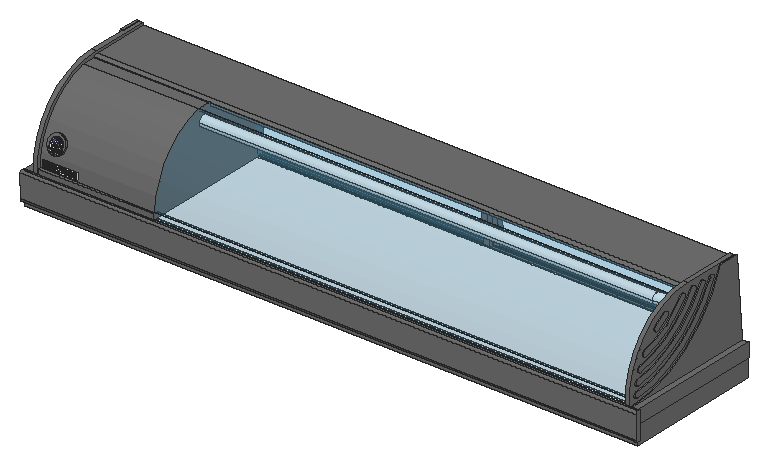
Revit family "QF_HOSHIZAKI_HNC-150BE-L-BLH", category Specialty Equipment, Revit 2016
Family settings
  Part Type = Normal
  Round Connector Dimension = Use Diameter
  OmniClass Number = 23.40.40.14
  OmniClass Title = Food Service Equipment
  Work Plane-Based = No
  Always vertical = Yes
  Cut with Voids When Loaded = No
  Shared = No
  Room Calculation Point = No
Parameters (values of type "HNC-150BE-L-BLH_230V/1Ph/50Hz")
  Weight = 37.00 kg
  Waste Remarks [instance] = ""
  Volts = 230 V
  URL Cutsheet = ""
  URL = "www.hoshizaki-europe.com"
  Status [instance] = ""
  Specification by User [instance] = ""
  Specification by Manufacturer [instance] = ""
  Serial Number = ""
  Seismic Rating = ""
  SMACNA No = ""
  Revision Code [instance] = ""
  Phase = 1
  Number of Poles = 2
  NAFEM Spec ID Number = ""
  Model = "HNC-150BE-L-BLH"
  Min Ckt Ampacity = 0 A
  Max Overcurrent Protection = 0 A
  Masterspec = ""
  Manufacturer = "HOSHIZAKI"
  Length Actual = 1500 mm
  Item Number [instance] = ""
  Installed By [instance] = ""
  Indirect Waste Size = 50.8 mm
  Indirect Waste Connection Type [instance] = ""
  Indirect Waste Connection Height [instance] = 23 mm
  Identify Quantity as Lot [instance] = no
  Height Actual = 270 mm
  HP power = ""
  Furnished By [instance] = ""
  Foodservice Equipment Identifier [instance] = yes
  FL Amps = 0.6 A
  Electric power = 140 W
  Electric Connection Type [instance] = ""
  Elec Conn RI Height [instance] = 0 mm
  Elec Conn Connection Height [instance] = 19 mm
  Direct Waste RI Height [instance] = 0 mm
  Description = "SUSHI CASE WITH LED LIGHTING, LEFT SIDED - BLACK"
  Depth Actual = 345 mm
  Cycle = 50 Hz
  Cost = 0
  Conn Plug = ""
  Conn Conduit = no
  CSI MasterFormat = ""
  Assembly Code = "E1090320"
  Apparent Power = 140 VA
  Accessory = no
Reference planes
  plane 1 "Center (Front/Back)": y = 0
  plane 2: z = 0
  plane 3 "Center (Left/Right)": x = 0
Forms (mm)
  Extrusion 1, solid, not visible
    sketch origin (29, -2, 18) x (1, 0, 0) y (0, 1, 0)
      loop
        line (0, 0) -> (2, 0) -> (2, 2) -> (0, 2) -> (0, 0)
    from 0 to 2
  Extrusion 2, solid, not visible
    sketch origin (1431, -2, 22) x (1, 0, 0) y (0, 1, 0)
      loop
        line (0, 0) -> (2, 0) -> (2, 2) -> (0, 2) -> (0, 0)
    from 0 to 2
Dimensions and locks
  aligned and locked: level to plane 2
Nested families
  nested 1: "QF_HOSHIZAKI_HNC-150BE-L-BLH_230V_1Ph_50Hz" at (0, 0, 0), type "HNC-150BE-L-BLH_230V/1Ph/50Hz"
    with Status "", Specification by User "", Show Clearance yes, Revision Code "", Number of Poles 1, Item Number "", Installed By "", Identify Quantity as Lot no, Furnished By "", Foodservice Equipment Identifier yes, Electrical Remarks "", Electric Connection Type "", Elec Conn RI Height 0 mm, Elec Conn Connection Height 19 mm, Conn Conduit yes
Connectors
  electrical at (30, 0, 19), driven by "Apparent Power", driven by "Number of Poles", driven by "Volts"
    settings: on Extrusion 1, index 1, voltage 230 V, apparent load 0 VA, apparent load phase1 140 VA, apparent load phase2 0 VA, apparent load phase3 0 VA, power factor 1, load classification "Other", number of poles 2, system type 31, power factor state 1, is connector primary yes, connector utility no, sub classification motor no, connector description "Electric connection for 'HNC-150BE-L-BLH'"
  piping at (1432, 0, 23), diameter 50.8, driven by "Indirect Waste Size"
    settings: on Extrusion 2, index 2, connector inside diameter 609.6 mm, connector length 0 mm, flow factor 0, pipe flow 0.0 L/s, pressure drop 0.0 Pa, fitting loss kfactor 0, connector angle 0.00°, fixture units 0, engagement length 0 mm, angle of deflection 0.00°, flow configuration 1, flow direction 2, fitting loss method 0, system type 16, joint type 0, gender type 0, connector reference index -1, connector utility 0, adjustable connector no, is connector primary yes, connector description "Drain connection for 'HNC-150BE-L-BLH'"
Definition of nested family "QF_HOSHIZAKI_HNC-150BE-L-BLH_230V_1Ph_50Hz"
  Parameters (values of type "HNC-150BE-L-BLH_230V/1Ph/50Hz")
    Weight in Pounds = 81.5709
    Electric power = 150 W
    Volts = 230 V
    URL Cutsheet = "www.hoshizaki-europe.com"
    URL = "www.hoshizaki-europe.com"
    Status [instance] = ""
    Specification by User [instance] = ""
    Specification by Manufacturer = ""
    Show Logo = yes
    Show Clearance [instance] = yes
    Serial Number = ""
    Seismic Rating = ""
    SMACNA No = ""
    Revision Code [instance] = ""
    Phase = 1
    Number of Poles [instance] = 1
    NAFEM Spec ID Number = ""
    Model = "HNC-150BE-L-BLH"
    Min Ckt Ampacity = 0 A
    Max Overcurrent Protection = 0 A
    Masterspec = ""
    Manufacturer = "HOSHIZAKI"
    Item Number [instance] = ""
    Installed By [instance] = ""
    Identify Quantity as Lot [instance] = no
    HP power = "0.201153000000"
    Furnished By [instance] = ""
    Foodservice Equipment Identifier [instance] = yes
    FL Amps = 20 A
    Electrical Remarks [instance] = ""
    Electric Connection Type [instance] = ""
    Elec Conn RI Height [instance] = 0 mm
    Elec Conn Connection Height [instance] = 19 mm
    Description = "SUSHI CASE WITH LED LIGHTING, LEFT SIDED - BLACK"
    Cycle = 50 Hz
    Conn Plug = ""
    Conn Conduit [instance] = yes
    CSI MasterFormat = ""
    Assembly Code = "E1090320"
    Apparent Power = 150 VA
  Reference planes
    plane 1 "Back": y = 0
    plane 2: z = 0
    plane 3 "Left": x = 0
    plane 4 "Right": x = 1500
    plane 5 "Front": y = -345
    plane 6 "Top": z = 270
  Forms (mm)
    Extrusion 1, solid
      sketch origin (0, 0, 0) x (0, 1, 0) y (0, 0, 1)
        loop
          line (-335, 11.612) -> (-335, 78.923) -> (-340, 78.923)
          arc (-340, 78.923) -> (-343.536, 77.458) -> (-345, 73.923) r 5
          line (-345, 73.923) -> (-345, 16.612)
          arc (-345, 16.612) -> (-343.536, 13.076) -> (-340, 11.612) r 5
          line (-340, 11.612) -> (-335, 11.612)
      from 0 to 1500
    Extrusion 2, solid
      sketch origin (4, 0, 0) x (0, 1, 0) y (0, 0, 1)
        loop
          line (0, 0) -> (0, 45.267) -> (-335, 45.267) -> (-335, 0) -> (0, 0)
      from 1492 to 0
    Extrusion 3, solid
      sketch origin (1480, 0, 0) x (0, 1, 0) y (0, 0, -1)
        loop
          arc (-335, -77.311) -> (-168.876, -131.23) -> (-62.821, -270) r 293.422
          line (-62.821, -270) -> (-16.482, -270) -> (0, -81.612) -> (0, -45.267) -> (-335, -45.267) -> (-335, -77.311)
        loop
          arc (-83.709, -252.219) -> (-178.479, -139.765) -> (-317.08, -90.602) r 280.922
          arc (-317.08, -90.602) -> (-323.161, -96.407) -> (-318.029, -103.066) r 6.285
          arc (-318.029, -103.066) -> (-185.592, -150.044) -> (-95.039, -257.5) r 268.422
          arc (-95.039, -257.5) -> (-87.673, -258.508) -> (-83.709, -252.219) r 6.865
        loop
          arc (-111.859, -251.686) -> (-195.78, -158.227) -> (-314.06, -115.953) r 255.922
          arc (-314.06, -115.953) -> (-320.31, -121.62) -> (-315.28, -128.393) r 6.28
          arc (-315.28, -128.393) -> (-202.759, -168.597) -> (-122.925, -257.5) r 243.422
          arc (-122.925, -257.5) -> (-115.571, -258.059) -> (-111.859, -251.686) r 6.947
        loop
          arc (-140.937, -251.021) -> (-211.328, -177.909) -> (-306.269, -142.04) r 230.922
          arc (-306.269, -142.04) -> (-312.519, -147.451) -> (-308.057, -154.411) r 6.315
          arc (-308.057, -154.411) -> (-218.228, -188.332) -> (-151.626, -257.5) r 218.422
          arc (-151.626, -257.5) -> (-143.81, -258.338) -> (-140.937, -251.021) r 6.48
        loop
          arc (-173, -248.071) -> (-226.037, -198.16) -> (-293.13, -169.833) r 205.922
          arc (-293.13, -169.833) -> (-298.352, -176.046) -> (-293.527, -182.572) r 6.554
          arc (-293.527, -182.572) -> (-231.849, -209.297) -> (-183.042, -255.516) r 193.422
          arc (-183.042, -255.516) -> (-175.054, -255.795) -> (-173, -248.071) r 6.411
        loop
          arc (-225.482, -229.368) -> (-239.933, -218.945) -> (-255.34, -209.993) r 180.922
          arc (-255.34, -209.993) -> (-262.519, -213.318) -> (-261.08, -221.097) r 6.452
          arc (-261.08, -221.097) -> (-246.737, -229.431) -> (-233.285, -239.134) r 168.422
          arc (-233.285, -239.134) -> (-225.701, -237.193) -> (-225.482, -229.368) r 6.501
      from 0 to 5
    Extrusion 4, solid
      sketch origin (1475, 0, 0) x (0, 1, 0) y (0, 0, -1)
        loop
          line (-335, -45.267) -> (-335, -77.311)
          arc (-335, -77.311) -> (-288.48, -212.569) -> (-157.482, -270) r 178.115
          line (-157.482, -270) -> (-16.482, -270) -> (0, -81.612) -> (0, -45.267) -> (-335, -45.267)
      from 0 to 10
    Extrusion 5, solid
      sketch origin (20, 0, 0) x (0, 1, 0) y (0, 0, 1)
        loop
          line (-335, 77.311) -> (-335, 45.267) -> (0, 45.267) -> (0, 81.612) -> (-16.482, 270) -> (-62.821, 270)
          arc (-62.821, 270) -> (-168.876, 131.23) -> (-335, 77.311) r 293.422
        loop
          arc (-83.709, 252.219) -> (-87.673, 258.508) -> (-95.039, 257.5) r 6.865
          arc (-95.039, 257.5) -> (-185.592, 150.044) -> (-318.029, 103.066) r 268.422
          arc (-318.029, 103.066) -> (-323.161, 96.407) -> (-317.08, 90.602) r 6.285
          arc (-317.08, 90.602) -> (-178.479, 139.765) -> (-83.709, 252.219) r 280.922
        loop
          arc (-111.859, 251.686) -> (-115.571, 258.059) -> (-122.925, 257.5) r 6.947
          arc (-122.925, 257.5) -> (-202.759, 168.597) -> (-315.28, 128.393) r 243.422
          arc (-315.28, 128.393) -> (-320.31, 121.62) -> (-314.06, 115.953) r 6.28
          arc (-314.06, 115.953) -> (-195.78, 158.227) -> (-111.859, 251.686) r 255.922
        loop
          arc (-140.937, 251.021) -> (-143.81, 258.338) -> (-151.626, 257.5) r 6.48
          arc (-151.626, 257.5) -> (-218.228, 188.332) -> (-308.057, 154.411) r 218.422
          arc (-308.057, 154.411) -> (-312.519, 147.451) -> (-306.269, 142.04) r 6.315
          arc (-306.269, 142.04) -> (-211.328, 177.909) -> (-140.937, 251.021) r 230.922
        loop
          arc (-173, 248.071) -> (-175.054, 255.795) -> (-183.042, 255.516) r 6.411
          arc (-183.042, 255.516) -> (-231.849, 209.297) -> (-293.527, 182.572) r 193.422
          arc (-293.527, 182.572) -> (-298.352, 176.046) -> (-293.13, 169.833) r 6.554
          arc (-293.13, 169.833) -> (-226.037, 198.16) -> (-173, 248.071) r 205.922
        loop
          arc (-225.482, 229.368) -> (-225.701, 237.193) -> (-233.285, 239.134) r 6.501
          arc (-233.285, 239.134) -> (-246.737, 229.431) -> (-261.08, 221.097) r 168.422
          arc (-261.08, 221.097) -> (-262.519, 213.318) -> (-255.34, 209.993) r 6.452
          arc (-255.34, 209.993) -> (-239.933, 218.945) -> (-225.482, 229.368) r 180.922
      from 0 to 5
    Extrusion 6, solid
      sketch origin (25, 0, 0) x (0, 1, 0) y (0, 0, 1)
        loop
          line (-335, 45.267) -> (0, 45.267) -> (0, 81.612) -> (-16.482, 270) -> (-157.482, 270)
          arc (-157.482, 270) -> (-288.48, 212.569) -> (-335, 77.311) r 178.115
          line (-335, 77.311) -> (-335, 45.267)
      from 0 to 10
    Extrusion 7, solid
      sketch origin (0, 0, 0) x (0, 1, 0) y (0, 0, 1)
        loop
          line (-335.005, 77.311) -> (-9.983, 77.311) -> (-9.983, 45.267) -> (0, 45.267) -> (0, 81.612) -> (-15.607, 260) -> (-198.787, 260)
          arc (-198.787, 260) -> (-293.716, 198.698) -> (-330.597, 91.885) r 173.115
          line (-330.597, 91.885) -> (-335.597, 91.885) -> (-335.005, 77.311)
      from 35 to 317
    Extrusion 8, solid
      sketch origin (0, 0, 0) x (0, 1, 0) y (0, 0, 1)
        loop
          line (-9.983, 45.267) -> (-9.983, 67.293)
          arc (-9.983, 67.293) -> (-12.951, 74.377) -> (-20.035, 77.311) r 10.017
          line (-20.035, 77.311) -> (-324.983, 77.311)
          arc (-324.983, 77.311) -> (-332.066, 74.377) -> (-335, 67.293) r 10.017
          line (-335, 67.293) -> (-335, 45.267) -> (-9.983, 45.267)
      from 35 to 1465
    Extrusion 9, solid
      sketch origin (0, 0, 0) x (0, 1, 0) y (0, 0, 1)
        loop
          line (-16.044, 265) -> (-157.482, 265)
          arc (-157.482, 265) -> (-162.482, 263.66) -> (-166.142, 260) r 10
          line (-166.142, 260) -> (-166.142, 255) -> (-15.169, 255) -> (-16.044, 265)
      from 35 to 1465
    Extrusion 10, solid
      sketch origin (0, 0, 0) x (0, 1, 0) y (0, 0, 1)
        loop
          line (-166.142, 260) -> (-198.787, 260)
          arc (-198.787, 260) -> (-293.716, 198.698) -> (-330.597, 91.885) r 173.115
          line (-330.597, 91.885) -> (-330.597, 77.395) -> (-325.597, 77.395) -> (-325.597, 91.885)
          arc (-325.597, 91.885) -> (-289.967, 195.377) -> (-198.178, 255) r 168.115
          line (-198.178, 255) -> (-166.142, 255) -> (-166.142, 260)
      from 317 to 1465
    Sweep 11, solid
      path origin (301.784, 0, 230) x (1, 0, 0) y (0, 1, 0)
        loop
          line (1072.551, -50.66) -> (1112.551, -50.66)
          arc (1112.551, -50.66) -> (1140.051, -62.051) -> (1151.442, -89.551) r 38.891
          line (1151.442, -89.551) -> (1151.442, -153.787)
          arc (1151.442, -153.787) -> (1142.122, -176.287) -> (1119.622, -185.607) r 31.82
          line (1119.622, -185.607) -> (14.622, -185.607)
      profile origin (1394.335, -50.66, 230) x (0, 1, 0) y (0, 0, 1)
        loop
          circle (0, 0) r 12.5
    Extrusion 12, solid
      sketch origin (0, 0, 0) x (0, 1, 0) y (0, 0, 1)
        loop
          line (0, 45.267) -> (0, 81.612) -> (-1.743, 101.536) -> (-6.743, 101.536) -> (-5, 81.612) -> (-5, 77.311) -> (-10, 77.311) -> (-10, 45.267) -> (0, 45.267)
      from 317 to 1465
    Extrusion 13, solid
      sketch origin (300, 0, 0) x (0, 1, 0) y (0, 0, 1)
        loop
          line (-6.743, 101.536) -> (-1.743, 101.536) -> (-15.169, 255) -> (-20.169, 255) -> (-6.743, 101.536)
      from 1150 to 1165
    Extrusion 14, solid
      sketch origin (317, -10, 0) x (0, 1, 0) y (0, 0, 1)
        loop
          line (-5, 77.311) -> (-5, 81.612) -> (-20.169, 255) -> (-25.169, 255) -> (-9.917, 80.666) -> (-9.917, 77.311) -> (-5, 77.311)
      from 0 to 550
    Extrusion 15, solid
      sketch origin (0, 0, 0) x (1, 0, 0) y (0, 0, 1)
        loop
          line (20, 45.267) -> (20, 78.923) -> (4, 78.923) -> (4, 45.267) -> (20, 45.267)
      from 0 to 335
    Extrusion 16, solid
      sketch origin (1480, 0, 0) x (1, 0, 0) y (0, 0, 1)
        loop
          line (16, 45.267) -> (16, 78.923) -> (0, 78.923) -> (0, 45.267) -> (16, 45.267)
      from 0 to 335
    Extrusion 17, solid
      sketch origin (30, 5, 19) x (1, 0, 0) y (0, 0, 1)
        loop
          circle (0, 0) r 5
      from 0 to 5
    Extrusion 18, solid
      sketch origin (900, 0, 0) x (0, 1, 0) y (0, 0, 1)
        loop
          line (-5, 77.311) -> (-5, 81.612) -> (-20.169, 255) -> (-25.169, 255) -> (-9.917, 80.666) -> (-9.917, 77.311) -> (-5, 77.311)
      from 0 to 550
    Extrusion 19, solid
      sketch origin (900, 0, 0) x (0, 1, 0) y (0, 0, -1)
        loop
          line (-6.743, -101.536) -> (-4.917, -80.666) -> (-9.917, -80.666) -> (-25.169, -255) -> (-20.169, -255) -> (-14.603, -248.524) -> (-2.401, -109.056) -> (-6.743, -101.536)
      from 16 to 0
    Extrusion 20, solid
      sketch origin (883, -10, 0) x (0, 1, 0) y (0, 0, -1)
        loop
          line (-6.743, -101.536) -> (-4.917, -80.666) -> (-9.917, -80.666) -> (-25.169, -255) -> (-20.169, -255) -> (-14.603, -248.524) -> (-2.401, -109.056) -> (-6.743, -101.536)
      from 16 to 0
    Extrusion 21, solid, visible <- "Show Logo"
      sketch origin (-1.978, -388.55, -502.576) x (1, 0, 0) y (0, 0.087156, 0.996195)
        loop
          line (55.338, 616.136) -> (55.338, 615.183) -> (56.401, 614.569) -> (56.401, 609.537) -> (55.338, 608.924) -> (55.338, 607.971) -> (59.638, 607.971) -> (59.638, 608.924) -> (58.286, 609.537) -> (58.286, 611.434) -> (61.704, 611.434) -> (61.704, 609.537) -> (60.353, 608.924) -> (60.353, 607.971) -> (64.652, 607.971) -> (64.652, 608.924) -> (63.589, 609.537) -> (63.589, 614.569) -> (64.652, 615.183) -> (64.652, 616.136) -> (60.353, 616.136) -> (60.353, 615.183) -> (61.704, 614.569) -> (61.704, 612.924) -> (58.286, 612.924) -> (58.286, 614.569) -> (59.638, 615.183) -> (59.638, 616.136) -> (55.338, 616.136)
        loop
          spline (69.001, 608.002) -> (70.129, 608.14) -> (71.179, 608.547) -> (72.081, 609.193) -> (72.773, 610.035) -> (73.209, 611.016) -> (73.357, 612.069) -> (73.209, 613.121) -> (72.773, 614.102) -> (72.081, 614.944) -> (71.179, 615.591) -> (70.129, 615.997) -> (69.001, 616.136)
          spline (69.001, 616.136) -> (67.874, 615.997) -> (66.824, 615.591) -> (65.922, 614.944) -> (65.229, 614.102) -> (64.794, 613.121) -> (64.646, 612.069) -> (64.794, 611.016) -> (65.229, 610.035) -> (65.922, 609.193) -> (66.824, 608.547) -> (67.874, 608.14) -> (69.001, 608.002)
        loop
          spline (68.927, 609) -> (69.484, 609.105) -> (70.004, 609.411) -> (70.45, 609.899) -> (70.792, 610.534) -> (71.007, 611.274) -> (71.08, 612.069) -> (71.007, 612.863) -> (70.792, 613.603) -> (70.45, 614.239) -> (70.004, 614.726) -> (69.484, 615.033) -> (68.927, 615.137)
          spline (68.927, 615.137) -> (68.37, 615.033) -> (67.851, 614.726) -> (67.405, 614.239) -> (67.063, 613.603) -> (66.847, 612.863) -> (66.774, 612.069) -> (66.847, 611.274) -> (67.063, 610.534) -> (67.405, 609.899) -> (67.851, 609.411) -> (68.37, 609.105) -> (68.927, 609)
        loop
          line (81.179, 616.194) -> (79.474, 615.758)
          arc (79.474, 615.758) -> (77.281, 616.22) -> (75.089, 615.753) r 5.403
          arc (75.089, 615.753) -> (73.886, 613.9) -> (75.089, 612.047) r 2.029
          line (75.089, 612.047) -> (78.971, 610.634)
          arc (78.971, 610.634) -> (79.436, 609.97) -> (78.971, 609.307) r 0.706
          arc (78.971, 609.307) -> (77.855, 609.11) -> (76.74, 609.307) r 3.262
          line (76.74, 609.307) -> (75.274, 610.772) -> (73.787, 610.772) -> (73.787, 608.097) -> (75.666, 608.577)
          arc (75.666, 608.577) -> (78.223, 607.78) -> (80.78, 608.577) r 4.5
          arc (80.78, 608.577) -> (81.48, 610.43) -> (80.78, 612.283) r 2.804
          line (80.78, 612.283) -> (76.487, 613.433)
          arc (76.487, 613.433) -> (75.882, 614.221) -> (76.487, 615.009) r 0.816
          arc (76.487, 615.009) -> (77.614, 615.157) -> (78.742, 615.009) r 4.357
          line (78.742, 615.009) -> (79.927, 613.433) -> (81.179, 613.433) -> (81.179, 616.194)
        loop
          line (82.271, 616.136) -> (82.271, 615.183) -> (83.334, 614.569) -> (83.334, 609.537) -> (82.271, 608.924) -> (82.271, 607.971) -> (86.57, 607.971) -> (86.57, 608.924) -> (85.219, 609.537) -> (85.219, 611.434) -> (88.636, 611.434) -> (88.636, 609.537) -> (87.285, 608.924) -> (87.285, 607.971) -> (91.585, 607.971) -> (91.585, 608.924) -> (90.522, 609.537) -> (90.522, 614.569) -> (91.585, 615.183) -> (91.585, 616.136) -> (87.285, 616.136) -> (87.285, 615.183) -> (88.636, 614.569) -> (88.636, 612.924) -> (85.219, 612.924) -> (85.219, 614.569) -> (86.57, 615.183) -> (86.57, 616.136) -> (82.271, 616.136)
        loop
          line (96.706, 616.136) -> (92.416, 616.136) -> (92.416, 615.183) -> (93.479, 614.569) -> (93.479, 609.537) -> (92.416, 608.924) -> (92.416, 607.971) -> (96.706, 607.971) -> (96.706, 608.924) -> (95.643, 609.537) -> (95.643, 614.569) -> (96.706, 615.183) -> (96.706, 616.136)
        loop
          line (97.667, 616.136) -> (97.667, 612.671) -> (98.907, 612.671) -> (98.907, 614.463) -> (99.558, 615.114) -> (102.547, 615.114) -> (97.667, 609.299) -> (97.667, 607.971) -> (104.908, 607.971) -> (104.908, 611.273) -> (103.649, 611.273) -> (103.649, 609.958) -> (102.708, 609.299) -> (100.239, 609.299) -> (104.908, 614.862) -> (104.908, 616.136) -> (97.667, 616.136)
        loop
          line (105.624, 607.971) -> (109.33, 607.971) -> (109.33, 609.028) -> (107.454, 609.028) -> (108.104, 610.636) -> (111.138, 610.636) -> (111.792, 609.702) -> (111.119, 609.028) -> (110.298, 609.028) -> (110.298, 607.971) -> (114.469, 607.971) -> (114.469, 609.299) -> (110.933, 616.136) -> (109.33, 616.136) -> (106.458, 609.028) -> (105.624, 609.028) -> (105.624, 607.971)
        loop
          line (114.779, 616.136) -> (114.779, 615.083) -> (116.046, 615.083) -> (116.046, 609.299) -> (114.99, 609.299) -> (114.99, 607.971) -> (118.696, 607.971) -> (117.926, 609.461) -> (117.926, 610.349) -> (119.101, 611.525) -> (121.327, 609.299) -> (120.053, 609.299) -> (120.053, 607.971) -> (124.657, 607.971) -> (124.657, 609.299) -> (123.759, 609.299) -> (120.592, 613.016) -> (122.659, 615.083) -> (123.759, 615.083) -> (123.759, 616.136) -> (120.053, 616.136) -> (120.053, 615.083) -> (121.071, 615.083) -> (117.926, 611.937) -> (118.696, 615.083) -> (118.696, 616.136) -> (114.779, 616.136)
        loop
          line (129.485, 616.136) -> (125.196, 616.136) -> (125.196, 615.183) -> (126.259, 614.569) -> (126.259, 609.537) -> (125.196, 608.924) -> (125.196, 607.971) -> (129.485, 607.971) -> (129.485, 608.924) -> (128.422, 609.537) -> (128.422, 614.569) -> (129.485, 615.183) -> (129.485, 616.136)
        loop
          line (109.583, 614.299) -> (108.553, 611.748) -> (110.666, 611.748) -> (109.583, 614.299)
        loop
          line (52.372, 617.338) -> (52.372, 606.471) -> (131.113, 606.471) -> (131.113, 617.338) -> (52.372, 617.338)
        loop
          line (133.113, 619.338) -> (50.372, 619.338) -> (50.372, 604.471) -> (133.113, 604.471) -> (133.113, 619.338)
      from -1 to 1
    Extrusion 22, solid, visible <- "Show Logo"
      sketch origin (8.022, -389.795, -522.544) x (1, 0, 0) y (0, 0.087156, 0.996195)
        loop
          line (42.372, 637.338) -> (42.372, 626.471) -> (121.113, 626.471) -> (121.113, 637.338) -> (42.372, 637.338)
      from -1 to 1
    Extrusion 23, solid, visible <- "Show Logo"
      sketch origin (532.337, -1020.902, -1575.062) x (-1, 0, 0) y (0, -0.374607, -0.927184)
        loop
          circle (459.884, -1862.5) r 13.99
      from 0 to 2.5
    Extrusion 24, solid, visible <- "Show Logo"
      sketch origin (532.337, -1021.365, -1574.874) x (-1, 0, 0) y (0, -0.374607, -0.927184)
        loop
          circle (459.884, -1862.5) r 15
        loop
          arc (446.884, -1862.5) -> (460.705, -1875.474) -> (472.781, -1860.863) r 13
          line (472.781, -1860.863) -> (470.355, -1858.437) -> (469.346, -1862.201) -> (466.355, -1863.928) -> (465.024, -1865.26) -> (463.375, -1865.26) -> (462.04, -1870.241) -> (457.755, -1870.241) -> (459.339, -1867.979) -> (460.402, -1864.014) -> (461.224, -1860.945) -> (462.416, -1856.497) -> (461.216, -1855.297) -> (459.433, -1857.843) -> (455.784, -1851.523) -> (460.361, -1851.523) -> (461.471, -1853.446) -> (469.213, -1853.446)
          arc (469.213, -1853.446) -> (460.394, -1849.51) -> (451.293, -1852.743) r 13
          line (451.293, -1852.743) -> (455.577, -1853.891) -> (453.752, -1856.497) -> (455.349, -1856.497) -> (454.477, -1866.459) -> (452.538, -1866.459) -> (446.884, -1862.5)
        loop
          line (447.853, -1857.467) -> (452.313, -1861.926) -> (450.144, -1853.891)
          arc (450.144, -1853.891) -> (448.878, -1855.602) -> (447.853, -1857.467) r 15.828
        loop
          line (463.583, -1862.877) -> (466.64, -1862.399) -> (464.901, -1861.285) -> (463.583, -1857.664) -> (463.583, -1862.877)
        loop
          line (464.827, -1855.979) -> (468.296, -1856.908) -> (469.573, -1854.916) -> (468.881, -1854.224) -> (467.914, -1855.035) -> (464.827, -1855.979)
        loop
          line (462.609, -1872.307) -> (462.609, -1874.009) -> (464.927, -1873.388) -> (462.609, -1872.307)
        loop
          line (460.361, -1874.662) -> (459.594, -1873.335) -> (460.801, -1872.638) -> (459.186, -1872.205) -> (458.298, -1874.11) -> (460.361, -1874.662)
        loop
          line (459.623, -1846.783) -> (460.706, -1845.701) -> (462.247, -1845.701) -> (461.191, -1844.645) -> (461.503, -1842.874) -> (459.623, -1843.959) -> (457.743, -1842.874) -> (458.055, -1844.645) -> (456.999, -1845.701) -> (458.54, -1845.701) -> (459.623, -1846.783)
        loop
          line (446.86, -1853.7) -> (446.594, -1852.191) -> (447.478, -1850.929) -> (446.007, -1851.188) -> (444.736, -1849.917) -> (444.547, -1852.08) -> (442.579, -1852.997) -> (444.209, -1853.757) -> (444.468, -1855.228) -> (445.352, -1853.965) -> (446.86, -1853.7)
        loop
          line (452.395, -1848.68) -> (452.856, -1847.219) -> (454.223, -1846.508) -> (452.799, -1846.059) -> (452.258, -1844.344) -> (451.091, -1846.175) -> (448.922, -1846.08) -> (450.017, -1847.507) -> (449.568, -1848.931) -> (450.935, -1848.219) -> (452.395, -1848.68)
        loop
          line (472.909, -1853.7) -> (474.417, -1853.965) -> (475.301, -1855.228) -> (475.56, -1853.757) -> (477.19, -1852.997) -> (475.222, -1852.08) -> (475.033, -1849.917) -> (473.761, -1851.188) -> (472.291, -1850.929) -> (473.175, -1852.191) -> (472.909, -1853.7)
        loop
          line (467.374, -1848.68) -> (468.834, -1848.219) -> (470.201, -1848.931) -> (469.752, -1847.507) -> (470.847, -1846.08) -> (468.678, -1846.175) -> (467.511, -1844.344) -> (466.97, -1846.059) -> (465.546, -1846.508) -> (466.913, -1847.219) -> (467.374, -1848.68)
      from 0 to 2.5
    Extrusion 25, solid, visible <- "Show Logo"
      sketch origin (532.337, -1021.365, -1574.874) x (-1, 0, 0) y (0, -0.374607, -0.927184)
        loop
          line (462.609, -1874.009) -> (462.609, -1872.307) -> (462.085, -1870.241) -> (457.755, -1870.241) -> (459.339, -1867.979) -> (462.416, -1856.497) -> (461.216, -1855.297) -> (459.433, -1857.843) -> (455.808, -1851.565) -> (453.948, -1851.565) -> (455.577, -1853.891) -> (454.477, -1866.459) -> (456.345, -1871.339)
          arc (456.345, -1871.339) -> (456.868, -1874.025) -> (459.213, -1875.435) r 3.366
          arc (459.213, -1875.435) -> (460.198, -1875.496) -> (461.183, -1875.435) r 8.046
          line (461.183, -1875.435) -> (462.609, -1874.009)
        loop
          line (456.854, -1851.523) -> (460.361, -1851.523) -> (460.916, -1852.485) -> (462.702, -1852.485) -> (463.779, -1851.407) -> (460.623, -1851.407) -> (461.563, -1850.468) -> (456.245, -1850.468) -> (456.854, -1851.523)
        loop
          line (460.361, -1874.662) -> (459.594, -1873.335) -> (460.801, -1872.638) -> (459.186, -1872.205) -> (458.298, -1874.11) -> (460.361, -1874.662)
      from 0 to 2.5
    Extrusion 26, solid, visible <- "Show Logo"
      sketch origin (517.953, -534.325, -370.743) x (-1, 0, 0) y (0, -0.374607, -0.927184)
        loop
          circle (445.5, -563.6) r 22.5
      from 0 to 2
  Lines and regions (mm)
    symbolic lines
      curve 1: line (0, -335, 0) -> (0, -345, 0)
      curve 2: line (0, -345, 0) -> (1500, -345, 0)
      curve 3: line (1500, -345, 0) -> (1500, -335, 0)
      curve 4: line (1500, -335, 0) -> (1496, -335, 0)
      curve 5: line (1496, -335, 0) -> (1496, 0, 0)
      curve 6: line (1496, 0, 0) -> (4, 0, 0)
      curve 7: line (35, 0, 0) -> (35, 5, 0)
      curve 8: line (35, 5, 0) -> (25, 5, 0)
      curve 9: line (25, 5, 0) -> (25, 0, 0)
      curve 10: line (4, 0, 0) -> (4, -335, 0)
      curve 11: line (4, -335, 0) -> (0, -335, 0)
      curve 12: line (4, -335, 0) -> (1496, -335, 0)
      curve 13: line (1465, -335, 0) -> (1465, 0, 0)
      curve 14: line (35, -335, 0) -> (35, 0, 0)
      curve 15: line (317, 0, 0) -> (317, -335, 0)
      curve 16: line (1465, -166.142, 0) -> (317, -166.142, 0)
  Dimensions and locks
    aligned and locked: level to plane 2
  Connectors
    electrical at (30, 5, 19), driven by "Apparent Power", driven by "Volts", driven by "Number of Poles"
      settings: on Extrusion 17, index 2, voltage 230 V, apparent load 0 VA, apparent load phase1 150 VA, apparent load phase2 0 VA, apparent load phase3 0 VA, power factor 1, load classification none, number of poles 1, system type 31, power factor state 1, is connector primary yes, connector utility no, sub classification motor no, connector description "Electrical connection"
